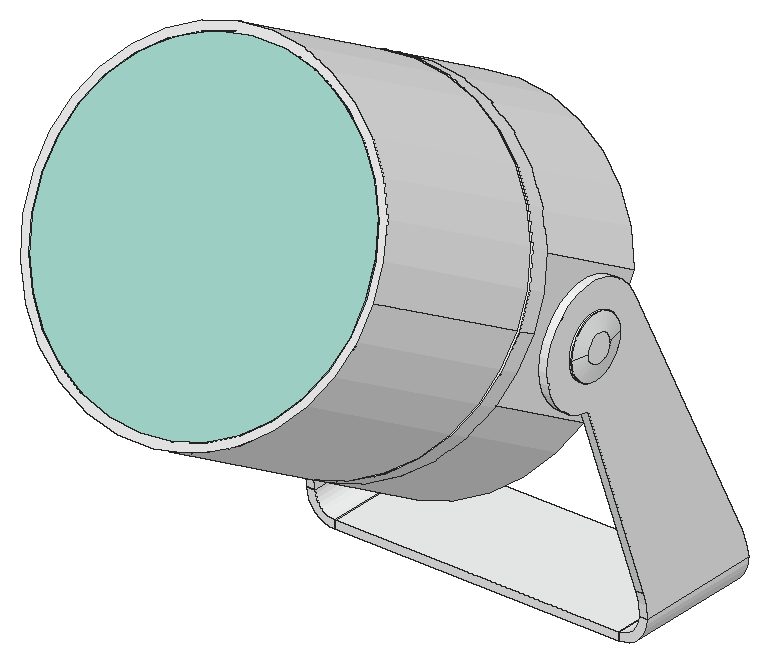
Revit family "Ginko 3.0", category Lighting Fixtures, Revit 2017
Family settings
  Round Connector Dimension = Use Diameter
  Part Type = Normal
  OmniClass Number = 23.80.70.00
  OmniClass Title = Lighting
  Work Plane-Based = Yes
  Always vertical = No
  Cut with Voids When Loaded = No
  Light Source = No
  Shared = No
  Room Calculation Point = No
Parameters (values of type "Ginko 3.0_J 58° (3000K 15W 24Vdc)")
  X1 = 100 mm
  Wiring = "-"
  Width mm = 84 mm
  Weight kg = "1.04"
  Voltage = 24 V
  Vertical rotation max = 190.00°
  Vertical Rotation max_1 [instance] = 50.00°
  Vertical Rotation Adjusted [instance] = if(Vertical Rotation 2 < Vertical Rotation min, Vertical Rotation min, if(Vertical Rotation 2 > Vertical Rotation max_1, Vertical Rotation max_1, Vertical Rotation 2))  # -60.00°
  Vertical Rotation 2 [instance] = Vertical Rotation - 90.00°  # -60.00°
  Vertical Rotation min [instance] = -140.00°
  URL Accessories and power supply units = "https://www.lucelight.it/en/prodotto.php/103342#a-scheda-accessori"
  URL = "https://www.lucelight.it/en/prodotto.php/103342"
  Top = L&L_White
  URL Technical sheet = "https://www.lucelight.it/media/prodotti/st/ST_GINKO_30.pdf"
  URL Image = "https://www.lucelight.it/media/prodotti/foto/ginko_3.0_still.jpg"
  URL IES Photometric file = "https://www.lucelight.it/media/prodotti/fotometrie/ginko_3.0_ies.zip"
  URL General code = "https://www.lucelight.it/en/prodotto.php/103342#a-generacodice"
  URL Description = "https://www.lucelight.it/en/capitolato.php/103342"
  URL DXF = "https://www.lucelight.it/media/prodotti/dxf/ginko_3.0.dxf"
  URL Catalogue = "https://www.lucelight.it/media/prodotti/brochure/ginko_brochure_en.pdf"
  Power supply unit = "not included"
  Power supply = "24Vdc"
  Power cables = "includes 1,5 m neoprene cable, H05RN-F 2x0,75/0,75 Ø6,3 mm"
  Power = "15W (also available: 10W - ref. URL Technical sheet)"
  Optics = "58°"
  No. and type of led = "1 high power density COB LED; 2-step MacAdam; 50000h L95 B10 (Ta 25°C)"
  Model = "Ginko 3.0"
  Manufacturer = "L&L Luce&Light"
  Light Source = Light Source_3.0 : J58°
  Geometry = Ginko3.0_mod : Ginko_3.0
  Notes = "-"
  Mounting = "surface mounted (ceiling, wall, ground, spike)"
  Middle = L&L_White
  Material = "body in AISI 316L stainless steel or anticorodal aluminium, AISI 316L stainless steel bracket, screen in tempered, transparent extra-clear glass"
  Lumen output at source = "1096 lm (3000K, 10W, CRI 80); 886 lm (3000K, 10W, CRI 90); 1662 lm (3000K, 15W, CRI 80); 1343 lm (3000K, 15W, CRI 90)"
  Description = "Outdoor projectors"
  Base = L&L_White
  Lens = L&L_Lens
  Length mm = 88 mm
  LED Colour = "3000K (also available: 2700K and 4000K - ref. URL Technical sheet)"
  IP = "66"
  Height mm = 158 mm
  H1 = 75 mm
  Vertical Rotation [instance] = 30.00°
  Features = "12°x64°, 28°x72° optics and shadow-effect filter, adjustable through 360° using the magnet provided"
  Energy efficiency class = "A A+ A++"
  Delivered lumen output = "750 lm (3000K, 42°, 10W, CRI 80); 609 lm (3000K, 42°, 10W, CRI 90); 1162 lm (3000K, 42°, 15W, CRI 80); 945 lm (3000K, 42°, 15W, CRI 90)"
  Default Elevation = 1219.2 mm
  Cutout dimensions = "-"
  Control system = "-"
  Contact = "T: +39 0444 360571; E: lucelight@lucelight.it"
  Company = "L&L Luce&Light"
  Code = "GN300 I Stainless steel; GN300 E White; GN300 N Black anodized; GN300 F Grey; GN300 H Anthracite; GN300 T Cor-ten; GN300 5 Jasper green"
  CRI = "90 (also available: CRI 80 - ref. URL Technical sheet)"
  Base bracket = Ginko3.0_Base bracket : Ginko3.0_Base bracket
  Bracket = L&L_Stainless steel
  Apparent Load Phase 1 = 15 W
Types (8, lengths in mm): name | Optics | Light Source | LED Colour
  Ginko 3.0_J 58° (3000K 15W 24Vdc) | "58°" | Light Source_3.0 : J58° | "3000K (also available: 2700K and 4000K - ref. URL Technical sheet)"
  Ginko 3.0_L 42° (3000K 15W 24Vdc) | "42°" | Light Source_3.0 : L42° | "3000K (also available: 2700K and 4000K - ref. URL Technical sheet)"
  Ginko 3.0_M 30° (3000K 15W 24Vdc) | "30°" | Light Source_3.0 : M30° | "3000K (also available: 2700K and 4000K - ref. URL Technical sheet)"
  Ginko 3.0_P 48° (3000K 15W 24Vdc) | "48°" | Light Source_3.0 : P48° | "3000K (also available: 2700K and 4000K - ref. URL Technical sheet)"
  Ginko 3.0_P+WR8000 (3000K 15W 24Vdc) | "WR8000" | Light Source_3.0 : P+WR8000° | "3000K (also available: 2700K and 4000K - ref. URL Technical sheet)"
  Ginko 3.0_S 13° (3000K 15W 24Vdc) | "13°" | Light Source_3.0 : S13° | "3000K (also available: 2700K and 4000K - ref. URL Technical sheet)"
  Ginko 3.0_W 12°x64° magnet (3000K 15W 24Vdc) | "12°x64°" | Light Source_3.0 : W12°x64° | "3000K (also available: 2700K and 4000K - ref. URL Technical sheet)"
  Ginko 3.0_X 28°x72° magnet (3000K 15W 24Vdc) | "28°x72°" | Light Source_3.0 : X28°x72° | "3000K (also available: 2700K and 4000K - ref. URL Technical sheet)"
Reference planes
  plane 1 "Light Source Axis (F/B)": y = 0
  plane 2: z = 0
  plane 3 "Light Source Axis (L/R)": x = 0
  plane 4 "Light Source Elevation": z = 75
  plane 5: y = 100
Lines and regions (mm)
  reference lines
    curve 1: line (0, 100, 75) -> (0, 151.962, 45)
Dimensions and locks
  "X1": plane 1 "Light Source Axis (F/B)" to plane 5
  "H1": level to plane 4 "Light Source Elevation"
  "Vertical Rotation Adjusted": angle plane 1 "Light Source Axis (F/B)" to curve 1
  aligned and locked: level to plane 2
  aligned and locked: plane 5 to curve 1
  aligned and locked: plane 4 "Light Source Elevation" to curve 1
Nested families
  nested 1: "Ginko3.0_Base bracket" at (0, 100, 0), type <- "Base bracket", type "Ginko3.0_Base bracket"
  nested 2: "Ginko3.0_mod" at (0, 108.66, 70) x (1, 0, 0) z (0, -0.866, 0.5), type <- "Geometry", type "Ginko_3.0"
  nested 3: "Light Source_3.0" at (0.019, 32.672, 113.785) x (0, 0.5, 0.866) z (0, -0.866, 0.5), type <- "Light Source", type "J58°"
Connectors
  electrical at (0, 100, 0), driven by "Voltage", driven by "Apparent Load Phase 1"
    settings: index 1, voltage 24 V, apparent load 0 VA, apparent load phase1 15 VA, apparent load phase2 0 VA, apparent load phase3 0 VA, power factor 1, load classification "Lighting", number of poles 1, system type 31, power factor state 1, is connector primary yes, connector utility no, sub classification motor no, connector description ""
Definition of nested family "Ginko3.0_Base bracket"
  Parameters (values of type "Ginko3.0_Base bracket")
    Default Elevation = 1219.2 mm
    Base Braket = none
  Reference planes
    plane 1 "Light Source Axis (F/B)": y = 0
    plane 2: z = 0
    plane 3 "Light Source Axis (L/R)": x = 0
    plane 4 "Light Source Elevation": z = 1500
  Forms (mm)
    Extrusion 1, solid, material <- "Base Braket", detail levels medium+fine
      sketch origin (42, -180.55, 0) x (0, -1, 0) y (1, 0, 0)
        loop
          line (-228.477, -7) -> (-228.477, -77) -> (-197.477, -77) -> (-197.477, -7) -> (-228.477, -7)
      from 0 to 2
    Extrusion 2, solid, material <- "Base Braket", detail levels medium
      sketch origin (42, -180.55, -235.942) x (0, -1, 0) y (0, 0, 1)
        loop
          arc (-197.543, 242.942) -> (-197.198, 246.147) -> (-196.344, 249.255) r 20
          line (-196.344, 249.255) -> (-178.954, 297.033)
          arc (-178.954, 297.033) -> (-169.087, 318.979) -> (-193.082, 317.181) r 14
          line (-193.082, 317.181) -> (-226.453, 250.152)
          arc (-226.453, 250.152) -> (-227.806, 246.642) -> (-228.477, 242.942) r 20
          line (-228.477, 242.942) -> (-197.543, 242.942)
      from 0 to 2
    Extrusion 3, solid, material <- "Base Braket", detail levels medium+fine
      sketch origin (-426.763, 16.927, -235.942) x (-1, 0, 0) y (0, 0, 1)
        loop
          arc (-468.763, 242.942) -> (-466.713, 237.992) -> (-461.763, 235.942) r 7
          line (-461.763, 235.942) -> (-461.763, 237.942)
          arc (-461.763, 237.942) -> (-465.298, 239.406) -> (-466.763, 242.942) r 5
          line (-466.763, 242.942) -> (-468.763, 242.942)
      from 0 to 31
    Extrusion 4, solid, material <- "Base Braket", detail levels medium
      sketch origin (-42, -180.55, -235.942) x (0, -1, 0) y (0, 0, -1)
        loop
          line (-197.543, -242.942) -> (-228.477, -242.942)
          arc (-228.477, -242.942) -> (-227.806, -246.642) -> (-226.453, -250.152) r 20
          line (-226.453, -250.152) -> (-193.082, -317.181)
          arc (-193.082, -317.181) -> (-169.087, -318.979) -> (-178.954, -297.033) r 14
          line (-178.954, -297.033) -> (-196.344, -249.255)
          arc (-196.344, -249.255) -> (-197.198, -246.147) -> (-197.543, -242.942) r 20
      from 0 to 2
    Extrusion 5, solid, material <- "Base Braket", detail levels medium+fine
      sketch origin (426.763, 16.927, -235.942) x (1, 0, 0) y (0, 0, -1)
        loop
          line (-468.763, -242.942) -> (-466.763, -242.942)
          arc (-466.763, -242.942) -> (-465.298, -239.406) -> (-461.763, -237.942) r 5
          line (-461.763, -237.942) -> (-461.763, -235.942)
          arc (-461.763, -235.942) -> (-466.713, -237.992) -> (-468.763, -242.942) r 7
      from 0 to 31
    Extrusion 6, solid, material <- "Base Braket", detail levels coarse
      sketch origin (42, -180.55, -235.942) x (0, -1, 0) y (0, 0, 1)
        loop
          line (-233.528, 235.942) -> (-201.189, 235.942) -> (-171.621, 317.181) -> (-193.082, 317.181) -> (-233.528, 235.942)
      from 0 to 84
    Extrusion 7, solid, material <- "Base Braket", detail levels fine
      sketch origin (42, -180.55, -235.942) x (0, -1, 0) y (0, 0, 1)
        loop
          arc (-197.543, 242.942) -> (-197.198, 246.147) -> (-196.344, 249.255) r 20
          line (-196.344, 249.255) -> (-178.954, 297.033)
          arc (-178.954, 297.033) -> (-169.087, 318.979) -> (-193.082, 317.181) r 14
          line (-193.082, 317.181) -> (-226.453, 250.152)
          arc (-226.453, 250.152) -> (-227.806, 246.642) -> (-228.477, 242.942) r 20
          line (-228.477, 242.942) -> (-197.543, 242.942)
      from 0 to 2
    Extrusion 8, solid, material <- "Base Braket", detail levels fine
      sketch origin (42, -180.55, 0) x (0, -1, 0) y (0, 0, 1)
        loop
          circle (-180.55, 75) r 7.5
      from 0 to -0.7
    Blend 9, solid, material <- "Base Braket", detail levels fine
      base sketch origin (42, -180.55, 0) x (0, -1, 0) y (0, 0, 1)
        loop
          circle (-180.55, 75) r 7.5
      top sketch origin (42, -180.55, 0) x (0, -1, 0) y (0, 0, 1)
        loop
          circle (-180.55, 75) r 3.35
      from -0.7 to -1.6
    Extrusion 10, solid, material <- "Base Braket", detail levels fine
      sketch origin (-42, -180.55, -235.942) x (0, -1, 0) y (0, 0, -1)
        loop
          line (-197.543, -242.942) -> (-228.477, -242.942)
          arc (-228.477, -242.942) -> (-227.806, -246.642) -> (-226.453, -250.152) r 20
          line (-226.453, -250.152) -> (-193.082, -317.181)
          arc (-193.082, -317.181) -> (-169.087, -318.979) -> (-178.954, -297.033) r 14
          line (-178.954, -297.033) -> (-196.344, -249.255)
          arc (-196.344, -249.255) -> (-197.198, -246.147) -> (-197.543, -242.942) r 20
      from 0 to 2
    Extrusion 11, solid, material <- "Base Braket", detail levels fine
      sketch origin (-42, -180.55, 0) x (0, -1, 0) y (0, 0, -1)
        loop
          circle (-180.55, -75) r 7.5
      from 0 to -0.7
    Blend 12, solid, material <- "Base Braket", detail levels fine
      base sketch origin (-42, -180.55, 0) x (0, -1, 0) y (0, 0, -1)
        loop
          circle (-180.55, -75) r 7.5
      top sketch origin (-42, -180.55, 0) x (0, -1, 0) y (0, 0, -1)
        loop
          circle (-180.55, -75) r 3.35
      from -0.7 to -1.6
  Dimensions and locks
    aligned and locked: level to plane 2
Definition of nested family "Ginko3.0_mod"
  Parameters (values of type "Ginko_3.0")
    Upper Snoot = none
    Radius bottom = 40 mm
    Radius Ginko middle = 41 mm
    Radius Ginko inside = 40 mm
    Radius Ginko = 42 mm
    Middle ring 3.4 = no
    Middle ring 1.4 = no
    Middle ring = no
    Middle Snoot = none
    Lower Snoot = none
    Lens = none
    Height middle ring = 4.361 mm
    Height lower ring = 36.1 mm
    Height Ginko up = 50.6 mm
    Height Ginko glass = 86.7 mm
    Height Ginko bottom = 27.5 mm
    Height Ginko = 87.7 mm
    Default Elevation = 1219.2 mm
  Reference planes
    plane 1 "Light Source Axis (F/B)": y = 0
    plane 2: z = 0
    plane 3 "Light Source Axis (L/R)": x = 0
    plane 4 "Light Source Elevation": z = 1500
    plane 5: z = 87.7
    plane 6: z = 86.7
    plane 7: z = 50.5
    plane 8: z = 37.1
    plane 9: z = 57.9
    plane 10: z = 36.1
    plane 11: z = 37.1
    plane 12: z = 18.05
  Forms (mm)
    Extrusion 1, solid, material <- "Lower Snoot", detail levels coarse
      sketch origin (0, 0, 0) x (1, 0, 0) y (0, 1, 0)
        loop
          circle (0, 0) r 42
      from 0 to 87.7
    Extrusion 2, solid, material <- "Lower Snoot", detail levels medium
      sketch origin (0, 0, 0) x (1, 0, 0) y (0, 1, 0)
        loop
          circle (0, 0) r 42
        loop
          circle (0, 0) r 40
      from 31 to 87.7
    Extrusion 3, solid, material <- "Lens", detail levels medium
      sketch origin (0, 0, 57.2) x (1, 0, 0) y (0, 1, 0)
        loop
          circle (0, 0) r 40
      from 29.5 to 30.5
    Extrusion 4, solid, material <- "Lower Snoot", detail levels fine
      sketch origin (0, 0, -27.3) x (1, 0, 0) y (0, 1, 0)
        loop
          circle (0, 0) r 42
      from 58.3 to 63.4
    Extrusion 5, solid, material <- "Middle Snoot", detail levels fine
      sketch origin (0, 0, 0) x (1, 0, 0) y (0, 1, 0)
        loop
          circle (0, 0) r 41
      from 36.1 to 37.1
    Extrusion 6, solid, material <- "Upper Snoot", detail levels fine
      sketch origin (0, 0, 0.2) x (1, 0, 0) y (0, 1, 0)
        loop
          circle (0, 0) r 42
        loop
          circle (0, 0) r 40
      from 36.9 to 87.5
    Extrusion 7, solid, visible <- "Middle ring", detail levels fine
      sketch origin (0, 0, 0.2) x (1, 0, 0) y (0, 1, 0)
        loop
          circle (0, 0) r 27
        loop
          circle (0, 0) r 24.95
      from 27.3 to 74.5
    Extrusion 8, solid, material <- "Lens", detail levels fine
      sketch origin (0, 0, 57.2) x (1, 0, 0) y (0, 1, 0)
        loop
          circle (0, 0) r 40
      from 29.5 to 30.5
    Extrusion 9, solid, material <- "Lower Snoot", detail levels fine
      sketch origin (0, 0, -44.539) x (1, 0, 0) y (0, 1, 0)
        loop
          line (39, -15.588) -> (39, 15.588)
          arc (39, 15.588) -> (0, 42) -> (-39, 15.588) r 42
          line (-39, 15.588) -> (-39, -15.588)
          arc (-39, -15.588) -> (0, -42) -> (39, -15.588) r 42
      from 44.539 to 75.539
    Extrusion 10, solid, material <- "Lower Snoot", detail levels medium
      sketch origin (0, 0, 31) x (1, 0, 0) y (0, 1, 0)
        loop
          circle (0, 0) r 40
      from 0 to 1.5
    Extrusion 11, solid, material <- "Lower Snoot", detail levels medium
      sketch origin (0, 0, -60) x (1, 0, 0) y (0, 1, 0)
        loop
          arc (-39, -15.588) -> (0, -42) -> (39, -15.588) r 42
          line (39, -15.588) -> (39, 15.588)
          arc (39, 15.588) -> (0, 42) -> (-39, 15.588) r 42
          line (-39, 15.588) -> (-39, -15.588)
      from 60 to 91
  Cuts and joins
    joined: Extrusion 4, Extrusion 9
    joined: Extrusion 2, Extrusion 11
  Dimensions and locks
    plane 5 to plane 2 = 87.7 mm
    "Height Ginko": plane 5 to level
    "Height Ginko glass": plane 6 to plane 2
    level to plane 7 = 50.5 mm
    Extrusion 8 to Extrusion 6 = 1 mm
    locked: Extrusion 3 to Extrusion 2 at 1
    "Height lower ring": level to plane 10
    locked: plane 10 to plane 11 at 1
    plane 5 to plane 6 = 1 mm
    "Height Ginko up": plane 8 to plane 5
    equal spacing: plane 10, plane 12, plane 2
    "Radius Ginko": radius of Extrusion 1 sketch curve
    "Radius Ginko": radius of Extrusion 2 sketch curve
    "Radius Ginko inside": radius of Extrusion 2 sketch curve
    "Radius bottom": radius of Extrusion 3 sketch curve
    "Radius Ginko": radius of Extrusion 6 sketch curve
    "Radius Ginko inside": radius of Extrusion 6 sketch curve
    "Radius Ginko": radius of Extrusion 4 sketch curve
    "Radius Ginko middle": radius of Extrusion 5 sketch curve
    "Radius Ginko inside": radius of Extrusion 8 sketch curve
    "Radius bottom": radius of Extrusion 10 sketch curve
    aligned and locked: level to plane 2
    aligned and locked: plane 5 to Extrusion 1
    aligned and locked: plane 5 to Extrusion 2
    aligned and locked: plane 5 to Extrusion 6
    aligned and locked: plane 5 to Extrusion 3
    aligned and locked: Extrusion 4 to Extrusion 5
    aligned and locked: plane 10 to Extrusion 4
    aligned and locked: Extrusion 5 to plane 10
    aligned and locked: Extrusion 5 to plane 11
    aligned and locked: Extrusion 8 to plane 6
    aligned and locked: plane 5 to Extrusion 8
    aligned and locked: Extrusion 6 to Extrusion 8
    aligned and locked: plane 8 to Extrusion 6
  Automatic sketch dimensions
    Extrusion 7 sketch curve to Extrusion 7 sketch curve = 0 mm  (x2)
    plane 1 "Light Source Axis (F/B)" to Extrusion 7 sketch curve = 0 mm
    Extrusion 7 sketch curve to plane 3 "Light Source Axis (L/R)" = 0 mm
    Extrusion 9 sketch curve to Extrusion 9 sketch curve = 0 mm  (x2)
    plane 1 "Light Source Axis (F/B)" to Extrusion 9 sketch curve = 0 mm
    Extrusion 9 sketch curve to plane 3 "Light Source Axis (L/R)" = 0 mm
    Extrusion 9 sketch curve to plane 1 "Light Source Axis (F/B)" = 15.588 mm
    Extrusion 9 sketch curve to plane 3 "Light Source Axis (L/R)" = 39 mm
    plane 1 "Light Source Axis (F/B)" to Extrusion 9 sketch curve = 15.588 mm
    plane 3 "Light Source Axis (L/R)" to Extrusion 9 sketch curve = 39 mm
    plane 3 "Light Source Axis (L/R)" to Extrusion 11 sketch curve = 39 mm
    Extrusion 11 sketch curve to plane 1 "Light Source Axis (F/B)" = 15.588 mm  (x2)
    plane 1 "Light Source Axis (F/B)" to Extrusion 11 sketch curve = 15.588 mm
    Extrusion 11 sketch curve to Extrusion 11 sketch curve = 0 mm  (x2)
    plane 1 "Light Source Axis (F/B)" to Extrusion 11 sketch curve = 0 mm
    Extrusion 11 sketch curve to plane 3 "Light Source Axis (L/R)" = 0 mm
    plane 1 "Light Source Axis (F/B)" to Extrusion 1 sketch curve = 0 mm
    Extrusion 1 sketch curve to plane 3 "Light Source Axis (L/R)" = 0 mm
    Extrusion 2 sketch curve to Extrusion 2 sketch curve = 0 mm  (x2)
    plane 1 "Light Source Axis (F/B)" to Extrusion 2 sketch curve = 0 mm
    Extrusion 2 sketch curve to plane 3 "Light Source Axis (L/R)" = 0 mm
    plane 1 "Light Source Axis (F/B)" to Extrusion 3 sketch curve = 0 mm
    Extrusion 3 sketch curve to plane 3 "Light Source Axis (L/R)" = 0 mm
    plane 1 "Light Source Axis (F/B)" to Extrusion 4 sketch curve = 0 mm
    Extrusion 4 sketch curve to plane 3 "Light Source Axis (L/R)" = 0 mm
    plane 1 "Light Source Axis (F/B)" to Extrusion 5 sketch curve = 0 mm
    Extrusion 5 sketch curve to plane 3 "Light Source Axis (L/R)" = 0 mm
    Extrusion 6 sketch curve to Extrusion 6 sketch curve = 0 mm  (x2)
    plane 1 "Light Source Axis (F/B)" to Extrusion 6 sketch curve = 0 mm
    Extrusion 6 sketch curve to plane 3 "Light Source Axis (L/R)" = 0 mm
    plane 1 "Light Source Axis (F/B)" to Extrusion 8 sketch curve = 0 mm
    Extrusion 8 sketch curve to plane 3 "Light Source Axis (L/R)" = 0 mm
    plane 1 "Light Source Axis (F/B)" to Extrusion 10 sketch curve = 0 mm
    Extrusion 10 sketch curve to plane 3 "Light Source Axis (L/R)" = 0 mm
    radius of Extrusion 7 sketch curve = 27 mm
    radius of Extrusion 7 sketch curve = 24.95 mm
Definition of nested family "Light Source_3.0"
  Parameters (values of type "J58°")
    Wattage = 11.1888 W
    built-in parameter 1150110 = 1 (stored number, unit not read)
    built-in parameter 1114217 = 1 (stored number, unit not read)
    Tilt Angle = 90.00°
    built-in parameter 1150109 = 1 (stored number, unit not read)
    built-in parameter 1150134 = (empty or 0)
    built-in parameter 1150113 = 1 (stored number, unit not read)
    Photometric Web File = "GINKO 3.0 J 58° [3000K 15W 24Vdc].IES"
    Lumens = 1662 lm
    built-in parameter 1150115 = 1 (stored number, unit not read)
    built-in parameter 1150105 = 132.26 (stored number, unit not read)
    built-in parameter 1150137 = (empty or 0)
    built-in parameter 1150139 = (empty or 0)
    built-in parameter 1150112 = 1 (stored number, unit not read)
    built-in parameter 1150114 = 1 (stored number, unit not read)
    built-in parameter 1150132 = 2
    built-in parameter 1150102 = (empty or 0)
    built-in parameter 1150138 = (empty or 0)
    built-in parameter 1150107 = 3000 (stored number, unit not read)
    built-in parameter 1150106 = 1.3226 (stored number, unit not read)
    built-in parameter 1150104 = 13.8 (stored number, unit not read)
    Dimming Lamp Color Temperature Shift = (empty or 0)
    Default Elevation = 1219.2 mm
    Color Filter = 16777215
    built-in parameter 1114218 = 1 (stored number, unit not read)
    built-in parameter 1150133 = 10 (stored number, unit not read)
  Types (8, lengths in mm): name | Photometric Web File
    J58° | "GINKO 3.0 J 58° [3000K 15W 24Vdc].IES"
    L42° | "GINKO 3.0 L 42° [3000K 15W 24Vdc].IES"
    M30° | "GINKO 3.0 M 30° [3000K 15W 24Vdc].IES"
    P48° | "GINKO 3.0 P (48°) [3000K 15W 24Vdc].IES"
    P+WR8000° | "GINKO 3.0 P + WR8000 [3000K 15W 24Vdc].IES"
    S13° | "GINKO 3.0 S 13° [3000K 15W 24Vdc].IES"
    W12°x64° | "GINKO 3.0 W 12°x64° magnet [3000K 15W 24Vdc].IES"
    X28°x72° | "GINKO 3.0 X 28°x72° magnet [3000K 15W 24Vdc].IES"
  Reference planes
    plane 1 "Light Source Axis (F/B)": y = 0
    plane 2: z = 0
    plane 3 "Light Source Axis (L/R)": x = 0
    plane 4 "Light Source Elevation": z = 0
  Dimensions and locks
    aligned and locked: plane 3 "Light Source Axis (L/R)" to imposter light
    aligned and locked: plane 1 "Light Source Axis (F/B)" to imposter light
    aligned and locked: plane 4 "Light Source Elevation" to imposter light
    aligned and locked: level to plane 2
